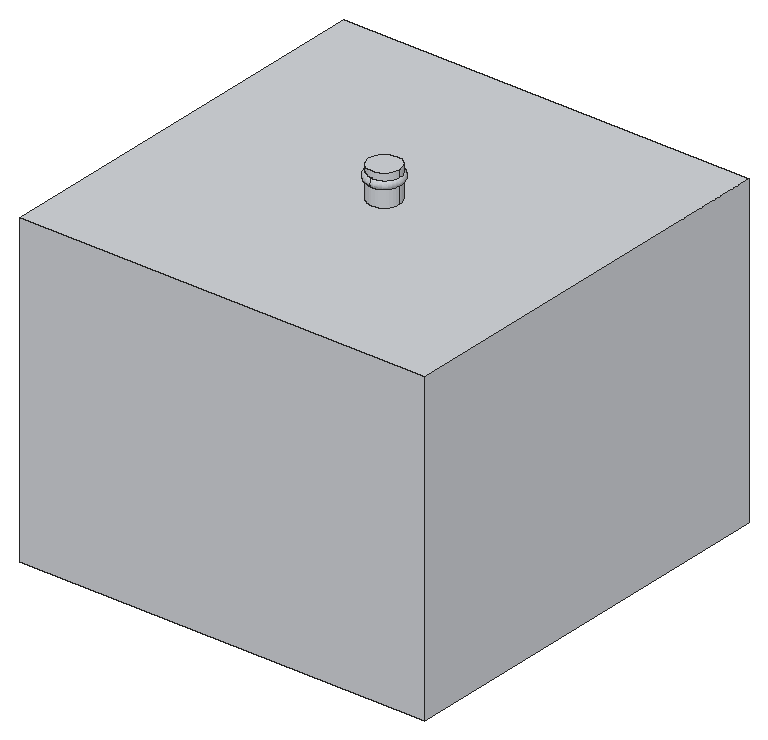
Revit family "AX9906DE_0007", category Appareils sanitaires, Revit 2016
Family settings
  Hôte = Face
  Type d'élément = Normal
  Cote de connecteur circulaire = Utiliser le diamètre
  Couper avec des vides une fois chargée = Non
  Partagée = Non
  Point de calcul de pièce = Non
Parameters
  URL = "https://www.axeuro.com/fr/quincaillerie/25448-buttoir-de-porte-ax9906de.html?search_query=ax9906de&results=1"
  Modèle = "AX9906DE"  # constant formula
  Matériaux = "\tEn inox 304 (18/10) Bactériostatique"  # constant formula
  Finition = "Brossé Poli Satiné HyperPolish"  # constant formula
  Fabricant = "Axeuro"  # constant formula
  Default Elevation = 1219.2 mm
  Description = "Butoir de porte"  # constant formula
Reference planes
  plane 1 "Centre (avant/arrière)": y = 0
  plane 2: z = 0
  plane 3 "Centre (gauche/droite)": x = 0
Forms (mm)
  Extrusion 1, solid
    sketch origin (0, 0, 0) x (1, 0, 0) y (0, 1, 0)
      loop
        line (-200, 200) -> (-200, -200) -> (200, -200) -> (200, 200) -> (-200, 200)
    from 0 to -304.8
  Extrusion 2, solid
    sketch origin (0, 0, -79.5) x (1, 0, 0) y (0, 1, 0)
      loop
        circle (0, 0) r 15
    from 79.5 to 110
  Revolve 3, solid
    sketch origin (0, 0, 0) x (0, 1, 0) y (0, 0, 1)
      loop
        arc (-15.001, 24.3) -> (-17.5, 20.45) -> (-15.001, 16.6) r 4.215
        line (-15.001, 16.6) -> (0, 16.6) -> (0, 24.3) -> (-15.001, 24.3)
      axis (0, 16.6) -> (0, 24.3)
    angle from 0 to 360
Dimensions and locks
  aligned and locked: plane 2 to Extrusion 1
  aligned and locked: level to Extrusion 1
